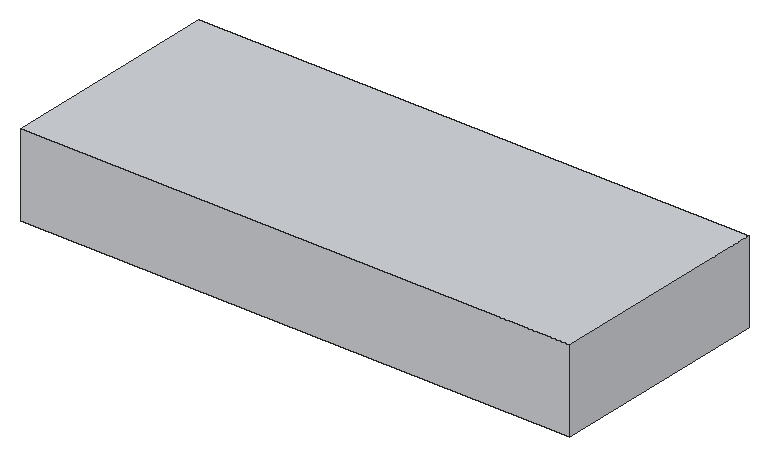
Revit family "SH-20.8", category Устройства связи, Revit 2016
Family settings
  Сохранять ориентацию аннотаций = Нет
  Тип детали = Нормальный
  Размер круглого соединителя = Использовать диаметр
  На основе рабочей плоскости = Да
  Всегда вертикально = Нет
  При загрузке вырезать с полостями = Нет
  Общий = Да
  Точка расчета площади = Нет
Parameters (values of type "SH-20.8")
  Максимальная мощность на каждом порту с PoE = "15.4 Вт"
  Количество портов UpLink = "2 порта 10/100Base-TX"  # constant formula
  Максимальная длина кабеля при подключении к портам с PoE = "100 метров"  # constant formula
  Уровень коммутатора = "1 (неуправляемый)"  # constant formula
  Default Elevation = 0 mm
  Описание = "Неуправляемый PoE коммутатор 10/100Base-TX, предназначенный для подключения сетевых устройств поддерживающих технологию Power over Ethernet."  # constant formula
  Габаритные размеры = "190х77х28,5 мм"
  Метод подачи питания на портах с PoE = "Метод B"  # constant formula
  Изображение типоразмера = <Нет>
  Изготовитель = "BAS-IP"  # constant formula
  Количество портов PoE = "PoE 8 порта IEEE 802.3af"
  Группа модели = "Коммутатор"  # constant formula
  Источник питания = "Внешний 48 В 3,0 А (в комплекте)"
  URL = "https://www.bas-ip.ru"
  Email = "support@bimlib.ru"  # constant formula
  BIM library = "https://bimlib.ru/manufacturer/"  # constant formula
  ADSK_Размер_Ширина = 77 mm
  ADSK_Размер_Толщина = 28.5 mm
  ADSK_Размер_Длина = 190 mm
  ADSK_Примечание = ""
  ADSK_Полная мощность = ADSK_Номинальная мощность / ADSK_Коэффициент мощности  # 322.222 VA
  ADSK_Позиция = ""
  ADSK_Обозначение = ""
  ADSK_Номинальная мощность = 290 W  # constant formula
  ADSK_Напряжение = 48 V  # constant formula
  ADSK_Наименование краткое = ADSK_Марка  # "SH-20.8"
  ADSK_Наименование = "POE КОММУТАТОР SH-20.8"
  ADSK_Масса_Текст = ""
  ADSK_Марка = "SH-20.8"
  ADSK_Коэффициент мощности = 0.9  # constant formula
  ADSK_Количество фаз = 1
  ADSK_Код изделия = ""
  ADSK_Классификация нагрузок = Коммутатор
  ADSK_Зона = ""
  ADSK_Завод-изготовитель = Изготовитель  # "BAS-IP"
  ADSK_Единица измерения = "шт"  # constant formula
  ADSK_Версия Revit = "Revit 2016"  # constant formula
  ADSK_URL страницы изделия = "https://www.bas-ip.ru/catalog/accessories/bas-ip-sh-20-4/"
  ADSK_URL документации изделия = ""
Types (4, lengths in mm): name | Максимальная мощность на каждом порту с PoE | Габаритные размеры | Количество портов PoE | Источник питания | ADSK_Размер_Ширина | ADSK_Размер_Толщина | ADSK_Размер_Длина | ADSK_Наименование краткое | ADSK_Наименование | ADSK_Марка
  (no name) | "15.4 Вт" | "190х77х28,5 мм" | "PoE 8 порта IEEE 802.3af" | "Внешний 48 В 3,0 А (в комплекте)" | 77 | 28.5 | 190 | "SH-20.8" | "POE КОММУТАТОР SH-20.8" | "SH-20.8"
  SH-20.4 | "15 Вт" | "150х77х28,5 мм" | "PoE 4 порта IEEE 802.3af" | "Внешний 48 В 1,25 А (в комплекте)" | 77 | 28.5 | 150 | "SH-20.4" | "POE КОММУТАТОР SH-20.4" | "SH-20.4"
  SH-20.8 | "15.4 Вт" | "190х77х28,5 мм" | "PoE 8 порта IEEE 802.3af" | "Внешний 48 В 3,0 А (в комплекте)" | 77 | 28.5 | 190 | "SH-20.8" | "POE КОММУТАТОР SH-20.8" | "SH-20.8"
  SH-20.16 | "15.4 Вт" | "330х205х44,5 мм" | "PoE 16 порта IEEE 802.3af" | "" | 205 | 44.5 | 330 | "SH-20.16" | "POE КОММУТАТОР SH-20.16" | "SH-20.16"
Reference planes
  plane 1 "По центру (Вперед/Назад)": y = 0
  plane 2: z = 0
  plane 3 "По центру (Влево/Вправо)": x = 0
  plane 4: x = -95
  plane 5: y = 38.5
  plane 6: x = 95
  plane 7: y = -38.5
  plane 8: z = 28.5
  plane 9 "Плоскость для коннекторов": z = 0
Forms (mm)
  Extrusion 1, solid, detail levels medium+fine
    sketch origin (0, 0, 0) x (1, 0, 0) y (0, 1, 0)
      loop
        line (-95, 38.5) -> (-95, -38.5) -> (95, -38.5) -> (95, 38.5) -> (-95, 38.5)
    from 0 to 28.5
Lines and regions (mm)
  model lines, detail levels coarse
    curve 1: line (-95, 38.5, 0) -> (95, 38.5, 0)
    curve 2: line (-95, -38.5, 0) -> (-95, 38.5, 0)
    curve 3: line (95, -38.5, 0) -> (-95, -38.5, 0)
    curve 4: line (95, 38.5, 0) -> (95, -38.5, 0)
Dimensions and locks
  equal spacing: plane 4, plane 3 "По центру (Влево/Вправо)", plane 6
  "ADSK_Размер_Длина": plane 4 to plane 6
  "ADSK_Размер_Ширина": plane 5 to plane 7
  equal spacing: plane 5, plane 1 "По центру (Вперед/Назад)", plane 7
  "ADSK_Размер_Толщина": plane 8 to plane 2
  aligned and locked: level to plane 2
  aligned and locked: Extrusion 1 sketch curve to plane 4
  aligned and locked: Extrusion 1 sketch curve to plane 5
  aligned and locked: Extrusion 1 sketch curve to plane 6
  aligned and locked: Extrusion 1 sketch curve to plane 7
  aligned and locked: curve 1 to Extrusion 1
  aligned and locked: curve 2 to Extrusion 1
  aligned and locked: curve 3 to Extrusion 1
  aligned and locked: curve 4 to Extrusion 1
  aligned and locked: plane 8 to Extrusion 1
  aligned and locked: Extrusion 1 to plane 9 "Плоскость для коннекторов"
Connectors
  electrical at (-65, -38.5, 10), driven by "Количество портов PoE"
    settings: on plane 7, index 9, voltage 0 V, apparent load 0 VA, apparent load phase1 0 VA, apparent load phase2 0 VA, apparent load phase3 0 VA, power factor 1, load classification "Прочее", number of poles 1, system type 5, power factor state 1, is connector primary yes, connector utility no, sub classification motor no, connector description "PoE 8 порта IEEE 802.3af"
  electrical at (65, 38.5, 10), driven by "ADSK_Количество фаз", driven by "ADSK_Классификация нагрузок", driven by "ADSK_Напряжение", driven by "ADSK_Полная мощность", driven by "ADSK_Коэффициент мощности"
    settings: on plane 5, index 10, voltage 48 V, apparent load 322.222 VA, apparent load phase1 0 VA, apparent load phase2 0 VA, apparent load phase3 0 VA, power factor 0.9, load classification "Коммутатор", number of poles 1, system type 30, power factor state 1, is connector primary no, connector utility no, sub classification motor no, connector description ""
